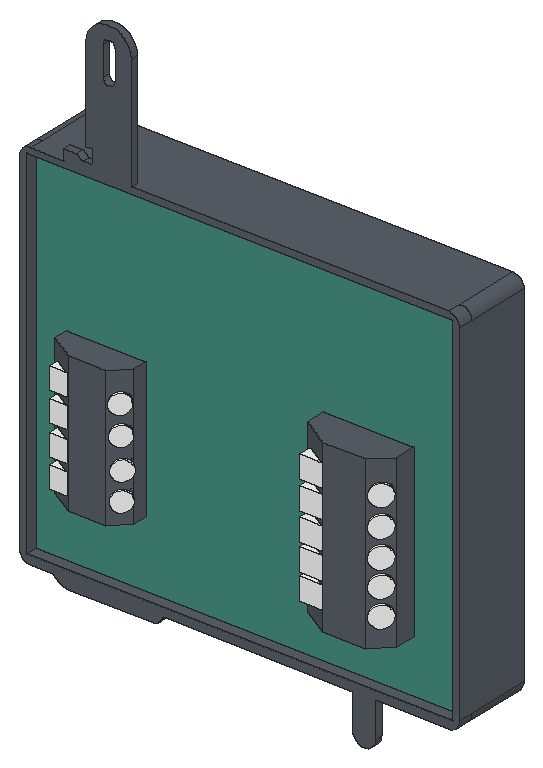
Revit family "TYCO-FPP-Zettler-MIM800 mini-input monitor module", category Electrical Fixtures, Revit 2014
Parameters (values of type "TYCO-FPP-Zettler-MIM800 mini-input monitor module")
  Width = 57 mm  # constant formula
  Weight = "22g"
  URL = "https://www.tycosafetyproducts-anz.com/public/Datasheet/MIM800inf1403.pdf"
  Type Comments = "The MIM800 is a small MZX addressable module\r\ndesigned for monitoring a single input circuit."
  Thickness = 12.6 mm  # constant formula
  Storage Temperature = "–40°C to +80°C"
  Relative Humidity = "10% to 95%"
  Quiescent Current = "275μA (typical)"
  PCB = PCB
  Model = "Zettler - 555.800.001"
  Max. MIM800 / Loop2 = "200/250\r\n200/250"
  Manufacturer = "Tyco"
  Loop Voltage = "20V to 40Vdc"
  Length = 48 mm  # constant formula
  Description = "The MIM800 or MIM801 Addressable Mini Input Module\r\nsupervises one circuit of voltage-free contacts, such as\r\noutputs from extinguishing systems, ventilation controls,\r\netc., and transmits its state to the Tyco MX Control and\r\nIndicating Equipment (CIE)."
  COVER = Cap
  Ambient Temperature = "–25°C to +70°C"
  Alarm State Current = "2.8mA"
Reference planes
  plane 1 "Center (Front/Back)": y = 0
  plane 2: z = 0
  plane 3 "Center (Left/Right)": x = 0
  plane 4: z = 24
  plane 5: z = -24
  plane 6: x = -28.5
  plane 7: x = 28.5
  plane 8: y = 9.108
Forms (mm)
  Extrusion 1, solid, material "PCB" <- "PCB", detail levels fine
    sketch origin (0, 0, 0) x (1, 0, 0) y (0, 0, 1)
      loop
        line (-28.5, 24) -> (-28.5, -24) -> (28.5, -24) -> (28.5, 24) -> (-28.5, 24)
    from 0 to -0.36
  Extrusion 2, solid, material "Black", detail levels fine
    sketch origin (0, 0, 0) x (1, 0, 0) y (0, 1, 0)
      loop
        line (-24.333, 0) -> (-24.333, -1.959) -> (-20.846, -4.073) -> (-15.846, -4.073) -> (-13.769, -1.996) -> (-13.769, 0) -> (-24.333, 0)
    from -15.101 to 3.449
  Extrusion 3, solid, material "SW", detail levels fine
    sketch origin (-15.846, -4.073, 0) x (0.707107, 0.707107, 0) y (0, 0, 1)
      loop
        circle (1.586, -12.084) r 1.3
      loop
        circle (1.655, -8.398) r 1.3
      loop
        circle (1.517, -4.227) r 1.3
      loop
        circle (1.413, -0.396) r 1.3
    from -2.671 to 0.511
  Extrusion 4, solid, material "SW", detail levels fine
    sketch origin (-28.5, 0, 19) x (0, 0, 1) y (0, 1, 0)
      loop
        line (-17.969, -3.704) -> (-17.969, -2.156) -> (-20.814, -2.156) -> (-20.814, -3.704) -> (-17.969, -3.704)
      loop
        line (-21.877, -3.704) -> (-21.877, -2.156) -> (-24.722, -2.156) -> (-24.722, -3.704) -> (-21.877, -3.704)
      loop
        line (-25.909, -3.704) -> (-25.909, -2.156) -> (-28.753, -2.156) -> (-28.753, -3.704) -> (-25.909, -3.704)
      loop
        line (-29.822, -3.704) -> (-29.822, -2.156) -> (-32.667, -2.156) -> (-32.667, -3.704) -> (-29.822, -3.704)
    from -4.775 to -8.968
  Extrusion 5, solid, material "Black", detail levels fine
    sketch origin (0, 0, 0) x (1, 0, 0) y (0, 1, 0)
      loop
        line (10.041, 0) -> (10.041, -2.759) -> (14.003, -5.16) -> (19.683, -5.16) -> (22.041, -2.801) -> (22.041, 0) -> (10.041, 0)
    from -16.878 to 5.798
  Extrusion 6, solid, material "SW", detail levels fine
    sketch origin (19.824, -5.019, 0) x (0.707107, 0.707107, 0) y (0, 0, 1)
      loop
        circle (1.405, 1.638) r 1.4
      loop
        circle (1.405, -2.146) r 1.4
      loop
        circle (1.405, -5.852) r 1.4
      loop
        circle (1.405, -9.324) r 1.4
      loop
        circle (1.405, -12.914) r 1.4
    from -1.981 to 0.539
  Extrusion 7, solid, material "SW", detail levels fine
    sketch origin (0, 0, 0) x (0, 1, 0) y (0, 0, 1)
      loop
        line (-4.916, 3.159) -> (-4.916, 0.159) -> (-3.116, 0.159) -> (-3.116, 3.159) -> (-4.916, 3.159)
      loop
        line (-4.916, -0.647) -> (-4.916, -3.647) -> (-3.116, -3.647) -> (-3.116, -0.647) -> (-4.916, -0.647)
      loop
        line (-4.916, -4.384) -> (-4.916, -7.384) -> (-3.116, -7.384) -> (-3.116, -4.384) -> (-4.916, -4.384)
      loop
        line (-4.916, -7.956) -> (-4.916, -10.956) -> (-3.116, -10.956) -> (-3.116, -7.956) -> (-4.916, -7.956)
      loop
        line (-4.916, -11.458) -> (-4.916, -14.458) -> (-3.116, -14.458) -> (-3.116, -11.458) -> (-4.916, -11.458)
    from 10.72 to 14.617
  Extrusion 8, solid, material "Cap" <- "COVER", detail levels fine
    sketch origin (-42.29, 9.108, 1219.2) x (-1, 0, 0) y (0, 0, -1)
      loop
        arc (-14.391, 1194.398) -> (-13.33, 1194.837) -> (-12.891, 1195.898) r 1.5
        line (-12.891, 1195.898) -> (-12.891, 1242.898)
        arc (-12.891, 1242.898) -> (-13.33, 1243.958) -> (-14.391, 1244.398) r 1.5
        line (-14.391, 1244.398) -> (-70.217, 1244.398)
        arc (-70.217, 1244.398) -> (-71.277, 1243.958) -> (-71.717, 1242.898) r 1.5
        line (-71.717, 1242.898) -> (-71.717, 1195.898)
        arc (-71.717, 1195.898) -> (-71.277, 1194.837) -> (-70.217, 1194.398) r 1.5
        line (-70.217, 1194.398) -> (-14.391, 1194.398)
    from 0 to 8.748
  Extrusion 9, solid, material "Cap" <- "COVER", detail levels fine
    sketch origin (-42.29, 0.36, 1219.2) x (-1, 0, 0) y (0, 0, -1)
      loop
        arc (-14.391, 1194.398) -> (-13.33, 1194.837) -> (-12.891, 1195.898) r 1.5
        line (-12.891, 1195.898) -> (-12.891, 1242.898)
        arc (-12.891, 1242.898) -> (-13.33, 1243.958) -> (-14.391, 1244.398) r 1.5
        line (-14.391, 1244.398) -> (-70.217, 1244.398)
        arc (-70.217, 1244.398) -> (-71.277, 1243.958) -> (-71.717, 1242.898) r 1.5
        line (-71.717, 1242.898) -> (-71.717, 1195.898)
        arc (-71.717, 1195.898) -> (-71.277, 1194.837) -> (-70.217, 1194.398) r 1.5
        line (-70.217, 1194.398) -> (-14.391, 1194.398)
      loop
        line (-13.79, 1195.2) -> (-13.79, 1243.2) -> (-70.79, 1243.2) -> (-70.79, 1195.2) -> (-13.79, 1195.2)
    from 0 to 1.888
  Extrusion 10, solid, material "Cap" <- "COVER", detail levels fine
    sketch origin (-42.29, -1.528, 1219.2) x (-1, 0, 0) y (0, 0, -1)
      loop
        line (-18.79, 1194.398) -> (-27.788, 1194.398) -> (-27.788, 1179.132)
        arc (-27.788, 1179.132) -> (-24.767, 1176.112) -> (-21.747, 1179.132) r 3.02
        line (-21.747, 1179.132) -> (-21.747, 1191.695) -> (-22.572, 1191.695) -> (-22.572, 1193.55) -> (-21.355, 1193.55) -> (-20.528, 1192.971) -> (-18.79, 1192.971) -> (-18.79, 1194.398)
      loop
        arc (-24.041, 1182.581) -> (-24.843, 1183.383) -> (-25.644, 1182.581) r 0.802
        line (-25.644, 1182.581) -> (-25.644, 1178.637)
        arc (-25.644, 1178.637) -> (-24.843, 1177.835) -> (-24.041, 1178.637) r 0.802
        line (-24.041, 1178.637) -> (-24.041, 1182.581)
      loop
        line (-57.418, 1243.2) -> (-57.418, 1249.081)
        arc (-57.418, 1249.081) -> (-58.932, 1250.596) -> (-60.447, 1249.081) r 1.514
        line (-60.447, 1249.081) -> (-60.447, 1243.2) -> (-57.418, 1243.2)
      loop
        line (-16.141, 1243.2) -> (-17.667, 1244.726)
        arc (-17.667, 1244.726) -> (-18.626, 1245.366) -> (-19.756, 1245.591) r 2.955
        line (-19.756, 1245.591) -> (-30.476, 1245.591)
        arc (-30.476, 1245.591) -> (-31.271, 1245.378) -> (-31.853, 1244.796) r 1.591
        line (-31.853, 1244.796) -> (-32.775, 1243.2) -> (-16.141, 1243.2)
    from -0.938 to 0
Cuts and joins
  joined: Extrusion 2, Extrusion 5
  joined: Extrusion 8, Extrusion 9, Extrusion 10
Lines and regions (mm)
  model lines, detail levels coarse+medium
    curve 1: line (-28.5, 0, 24) -> (28.5, 0, 24)
    curve 2: line (-28.5, 0, -24) -> (-28.5, 0, 24)
    curve 3: line (28.5, 0, -24) -> (-28.5, 0, -24)
    curve 4: line (28.5, 0, 24) -> (28.5, 0, -24)
Dimensions and locks
  equal spacing: plane 4, level, plane 5
  "Length": plane 4 to plane 5
  equal spacing: plane 7, plane 3 "Center (Left/Right)", plane 6
  "Width": plane 7 to plane 6
  aligned and locked: plane 2 to level
  aligned and locked: Extrusion 1 sketch curve to plane 4
  aligned and locked: plane 6 to Extrusion 1 sketch curve
  aligned and locked: Extrusion 1 sketch curve to plane 5
  aligned and locked: plane 7 to Extrusion 1 sketch curve
  aligned and locked: plane 4 to Extrusion 1
  aligned and locked: curve 1 to plane 4
  aligned and locked: plane 7 to curve 4
  aligned and locked: curve 3 to plane 5
  aligned and locked: plane 6 to curve 2
  aligned and locked: Extrusion 8 to plane 8
  aligned and locked: Extrusion 9 to Extrusion 1
Automatic sketch dimensions
  Extrusion 3 sketch curve to Extrusion 2 = 1.351 mm
  Extrusion 3 sketch curve to Extrusion 2 = 1.282 mm
  Extrusion 3 sketch curve to Extrusion 2 = 1.419 mm
  Extrusion 3 sketch curve to Extrusion 2 = 1.523 mm
  Extrusion 3 sketch curve to Extrusion 3 sketch curve = 3.686 mm
  Extrusion 3 sketch curve to Extrusion 3 sketch curve = 4.171 mm
  Extrusion 2 to Extrusion 3 sketch curve = 3.845 mm
  Extrusion 3 sketch curve to Extrusion 3 sketch curve = 3.832 mm
  Extrusion 4 sketch curve to Extrusion 1 = 3.704 mm
  Extrusion 4 sketch curve to Extrusion 1 = 10.333 mm
  Extrusion 4 sketch curve to Extrusion 4 sketch curve = 2.844 mm  (x4)
  Extrusion 4 sketch curve to Extrusion 4 sketch curve = 1.07 mm
  Extrusion 4 sketch curve to Extrusion 4 sketch curve = 1.187 mm
  Extrusion 4 sketch curve to Extrusion 4 sketch curve = 1.064 mm
  Extrusion 4 sketch curve to Extrusion 4 sketch curve = 0 mm  (x5)
  Extrusion 4 sketch curve to Extrusion 4 sketch curve = 1.548 mm  (x2)
  plane 1 "Center (Front/Back)" to Extrusion 2 sketch curve = 0 mm
  plane 6 to Extrusion 2 sketch curve = 4.167 mm
  Extrusion 2 sketch curve to Extrusion 2 sketch curve = 3.488 mm
  plane 1 "Center (Front/Back)" to Extrusion 2 sketch curve = 4.073 mm
  Extrusion 2 sketch curve to Extrusion 2 sketch curve = 5 mm
  Extrusion 2 sketch curve to Extrusion 2 sketch curve = 2.076 mm
  plane 1 "Center (Front/Back)" to Extrusion 2 sketch curve = 1.996 mm
  plane 1 "Center (Front/Back)" to Extrusion 2 sketch curve = 1.959 mm
  plane 1 "Center (Front/Back)" to Extrusion 5 sketch curve = 0 mm
  plane 3 "Center (Left/Right)" to Extrusion 5 sketch curve = 10.041 mm
  plane 1 "Center (Front/Back)" to Extrusion 5 sketch curve = 5.16 mm
  Extrusion 5 sketch curve to Extrusion 5 sketch curve = 3.962 mm
  Extrusion 5 sketch curve to Extrusion 5 sketch curve = 5.68 mm
  Extrusion 5 sketch curve to Extrusion 5 sketch curve = 2.359 mm
  Extrusion 5 sketch curve to Extrusion 5 sketch curve = 2.801 mm
  Extrusion 5 sketch curve to Extrusion 5 sketch curve = 2.759 mm
  Extrusion 5 to Extrusion 6 sketch curve = 1.605 mm  (x5)
  Extrusion 5 to Extrusion 6 sketch curve = 3.965 mm
  Extrusion 6 sketch curve to Extrusion 6 sketch curve = 3.589 mm
  Extrusion 6 sketch curve to Extrusion 6 sketch curve = 3.472 mm
  Extrusion 6 sketch curve to Extrusion 6 sketch curve = 3.706 mm
  Extrusion 6 sketch curve to Extrusion 6 sketch curve = 3.784 mm
  plane 1 "Center (Front/Back)" to Extrusion 7 sketch curve = 4.916 mm  (x2)
  Extrusion 7 sketch curve to Extrusion 7 sketch curve = 0 mm  (x7)
  Extrusion 7 sketch curve to Extrusion 7 sketch curve = 1.8 mm
  level to Extrusion 7 sketch curve = 0.159 mm
  Extrusion 7 sketch curve to level = 0.647 mm
  Extrusion 7 sketch curve to Extrusion 7 sketch curve = 3 mm  (x5)
  Extrusion 7 sketch curve to Extrusion 7 sketch curve = 0.737 mm
  Extrusion 7 sketch curve to Extrusion 7 sketch curve = 0.572 mm
  Extrusion 7 sketch curve to Extrusion 7 sketch curve = 0.502 mm
  Extrusion 9 sketch curve to Extrusion 8 = 0 mm  (x3)
  Extrusion 8 to Extrusion 9 sketch curve = 0 mm
  Extrusion 8 to Extrusion 9 sketch curve = 0.927 mm
  Extrusion 9 sketch curve to Extrusion 9 sketch curve = 0.573 mm
  Extrusion 8 to Extrusion 9 sketch curve = 1.5 mm  (x2)
  Extrusion 9 sketch curve to Extrusion 9 sketch curve = 1.5 mm
  Extrusion 8 to Extrusion 9 sketch curve = 0.899 mm
  Extrusion 8 to Extrusion 9 sketch curve = 1.198 mm
  Extrusion 8 to Extrusion 9 sketch curve = 0.802 mm
  plane 5 to Extrusion 8 sketch curve = 0.302 mm
  plane 7 to Extrusion 8 sketch curve = 0.927 mm
  Extrusion 8 sketch curve to plane 7 = 0.573 mm  (x2)
  Extrusion 8 sketch curve to plane 6 = 0.601 mm  (x2)
  plane 4 to Extrusion 8 sketch curve = 0.698 mm
  plane 6 to Extrusion 8 sketch curve = 0.899 mm
  Extrusion 10 sketch curve to Extrusion 9 = 0 mm  (x3)
  Extrusion 10 sketch curve to Extrusion 9 = 10.343 mm
  Extrusion 10 sketch curve to Extrusion 10 sketch curve = 1.514 mm
  Extrusion 10 sketch curve to Extrusion 9 = 18.985 mm
  Extrusion 10 sketch curve to Extrusion 9 = 0.398 mm
  Extrusion 10 sketch curve to Extrusion 10 sketch curve = 0.922 mm
  Extrusion 10 sketch curve to Extrusion 9 = 1.194 mm
  Extrusion 10 sketch curve to Extrusion 10 sketch curve = 1.378 mm
  Extrusion 10 sketch curve to Extrusion 9 = 13.998 mm
  Extrusion 10 sketch curve to Extrusion 10 sketch curve = 2.143 mm
  Extrusion 10 sketch curve to Extrusion 10 sketch curve = 0.802 mm
  Extrusion 10 sketch curve to Extrusion 10 sketch curve = 0.075 mm
  Extrusion 10 sketch curve to Extrusion 9 = 0.848 mm
  Extrusion 10 sketch curve to Extrusion 10 sketch curve = 0.825 mm
  Extrusion 10 sketch curve to Extrusion 10 sketch curve = 1.217 mm
  Extrusion 10 sketch curve to Extrusion 9 = 1.427 mm
  Extrusion 10 sketch curve to Extrusion 10 sketch curve = 0.827 mm
  Extrusion 10 sketch curve to Extrusion 9 = 5.966 mm
  Extrusion 10 sketch curve to Extrusion 10 sketch curve = 1.738 mm
  Extrusion 10 sketch curve to Extrusion 9 = 0.328 mm
  Extrusion 10 sketch curve to Extrusion 10 sketch curve = 2.089 mm
  Extrusion 10 sketch curve to Extrusion 10 sketch curve = 1.526 mm
  Extrusion 10 sketch curve to Extrusion 9 = 4.684 mm
  Extrusion 10 sketch curve to Extrusion 10 sketch curve = 1.276 mm
  Extrusion 10 sketch curve to Extrusion 10 sketch curve = 9.114 mm
  Extrusion 10 sketch curve to Extrusion 10 sketch curve = 3.449 mm
  Extrusion 10 sketch curve to Extrusion 10 sketch curve = 0.496 mm
  radius of Extrusion 3 sketch curve = 1.3 mm  (x4)
  radius of Extrusion 6 sketch curve = 1.4 mm  (x5)
Connectors
  electrical at (0.014, 9.108, -0.198)
    settings: on cut or joined group of Extrusion 8, Extrusion 9, Extrusion 10, index 1, voltage 20 V, apparent load 0 VA, apparent load phase1 0 VA, apparent load phase2 0 VA, apparent load phase3 0 VA, power factor 1, load classification "Other", number of poles 1, system type 31, power factor state 1, is connector primary yes, connector utility no, sub classification motor no, connector description ""
